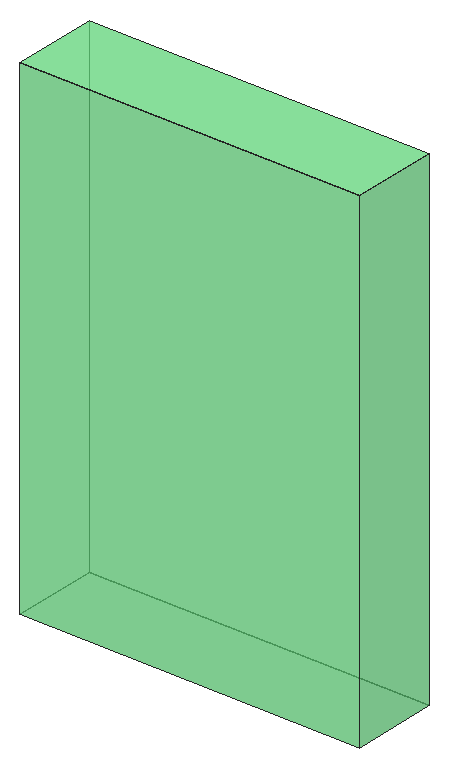
Revit family "501_MEP_TSW", category Оборудование, Revit 2020
Family settings
  Размер круглого соединителя = Использовать диаметр
  Классификация = Нет
  Тип детали = Нормальный
  На основе рабочей плоскости = Нет
  Всегда вертикально = Да
  При загрузке вырезать с полостями = Нет
  Общий = Нет
  Точка расчета площади = Нет
Parameters (values of type "СС")
  Отметка по умолчанию = 0 mm
  Ключевая пометка = "501_MEP"  # constant formula
  КП_Р_Ширина [instance] = Ширина + Расширение границ * 2  # 1100 mm
  КП_Р_Высота [instance] = Высота + Расширение границ * 2  # 1600 mm
  КП_О_Марка = Комментарии к типоразмеру  # "СС"
  Заливка цветом = Заливка Цветная Прямоугольное Отверстие : Зеленый
  SYS_YES = 1 = 1  # yes
  SYS_WIDTH [instance] = Ширина / 2 + Расширение границ  # 550 mm
  Ширина [instance] = 1000 mm
  Толщина [instance] = 280 mm
  Расширение границ [instance] = 50 mm
  Описание = "Для плагина «Менеджер отверстий»"  # constant formula
  Комментарии к типоразмеру = "СС"
  Группа модели = "Задание на прямоугольное отверстие в стене"  # constant formula
  SYS_OFFSET_UP [instance] = 0 mm
  SYS_OFFSET_DOWN [instance] = 0 mm
  SYS_NO = 1 = 0  # no
  SYS_HEIGHT [instance] = Высота / 2 + Расширение границ  # 800 mm
  Высота [instance] = 1500 mm
Reference planes
  plane 1 "Центр (Вперед/Назад)": y = 0
  plane 2: z = 0
  plane 3 "Центр (Влево/Вправо)": x = 0
  plane 4: z = 1500
  plane 5 "Влево": x = -500
  plane 6 "Вправо": x = 500
  plane 7 "Центр (Вверх/Вниз)": z = 750
  plane 8 "Назад": y = 140
  plane 9 "Вперед": y = -140
  plane 10: x = -550
  plane 11: z = 1550
  plane 12: x = 550
  plane 13: z = -50
  plane 14: z = 0
  plane 15: z = 1500
Forms (mm)
  Extrusion 1, solid
    sketch origin (-606.998, -140, 1200) x (-1, 0, 0) y (0, 0, 1)
      loop
        line (-56.998, 350) -> (-1156.998, 350) -> (-1156.998, -1250) -> (-56.998, -1250) -> (-56.998, 350)
    from 0 to 280 <- "Толщина"
Lines and regions (mm)
  model lines, style "Offset"
    curve 1: line (0, 0, 1500) -> (0, 0, 0)
  model lines, style "Обмен заданиями_MEP", detail levels fine
    curve 2: line (-500, -140, 1500) -> (500, -140, 1500)
    curve 3: line (-500, -140, 0) -> (-500, -140, 1500)
    curve 4: line (500, -140, 0) -> (-500, -140, 0)
    curve 5: line (500, -140, 1500) -> (500, -140, 0)
    curve 6: line (-500, 140, 1500) -> (500, 140, 1500)
    curve 7: line (-500, 140, 0) -> (-500, 140, 1500)
    curve 8: line (500, 140, 0) -> (-500, 140, 0)
    curve 9: line (500, 140, 1500) -> (500, 140, 0)
  model lines
    curve 10: line (0, 140, 1550) -> (0, -140, 1550)
    curve 11: line (0, 140, -50) -> (0, 140, 1550)
    curve 12: line (0, -140, -50) -> (0, 140, -50)
    curve 13: line (0, -140, 1550) -> (0, -140, -50)
    curve 14: line (0, -140, 1550) -> (0, 140, -50)
Dimensions and locks
  equal spacing: plane 5 "Влево", plane 3 "Центр (Влево/Вправо)", plane 6 "Вправо"
  equal spacing: plane 4, plane 7 "Центр (Вверх/Вниз)", plane 2
  "Ширина": plane 5 "Влево" to plane 6 "Вправо"
  "Высота": plane 4 to plane 2
  "Толщина": plane 8 "Назад" to plane 9 "Вперед"
  equal spacing: plane 8 "Назад", plane 1 "Центр (Вперед/Назад)", plane 9 "Вперед"
  "SYS_WIDTH": plane 3 "Центр (Влево/Вправо)" to plane 10
  "SYS_WIDTH": plane 12 to plane 3 "Центр (Влево/Вправо)"
  "SYS_HEIGHT": plane 7 "Центр (Вверх/Вниз)" to plane 13
  "SYS_HEIGHT": plane 11 to plane 7 "Центр (Вверх/Вниз)"
  "SYS_OFFSET_DOWN": plane 2 to plane 14
  "SYS_OFFSET_UP": plane 15 to plane 4
  aligned and locked: level to plane 2
  aligned and locked: plane 10 to Extrusion 1 sketch curve
  aligned and locked: plane 12 to Extrusion 1 sketch curve
  aligned and locked: Extrusion 1 sketch curve to plane 11
  aligned and locked: Extrusion 1 sketch curve to plane 13
  aligned and locked: plane 3 "Центр (Влево/Вправо)" to nested 1
  aligned and locked: plane 1 "Центр (Вперед/Назад)" to nested 1
  aligned and locked: plane 3 "Центр (Влево/Вправо)" to nested 2
  aligned and locked: nested 2 to plane 7 "Центр (Вверх/Вниз)"
  aligned and locked: plane 15 to curve 1
  aligned and locked: plane 14 to curve 1
  aligned and locked: curve 1 to plane 3 "Центр (Влево/Вправо)"
  aligned and locked: curve 5 to plane 6 "Вправо"
  aligned and locked: plane 2 to curve 4
  aligned and locked: curve 2 to plane 4
  aligned and locked: curve 3 to plane 5 "Влево"
  aligned and locked: curve 7 to plane 5 "Влево"
  aligned and locked: plane 2 to curve 8
  aligned and locked: curve 6 to plane 4
  aligned and locked: curve 9 to plane 6 "Вправо"
  aligned and locked: curve 10 to plane 11
  aligned and locked: curve 12 to plane 13
  aligned and locked: plane 9 "Вперед" to curve 13
  aligned and locked: curve 11 to plane 8 "Назад"
Nested families
  nested 1: "Заливка Цветная Прямоугольное Отверстие" at (0, 0, 0), L <- "КП_Р_Ширина", W <- "Толщина", План <- "SYS_YES", type <- "Заливка цветом", type "Зеленый"
    with Черный (план) no, Фиолетовый (план) no, Синий (план) no, План yes, Оранжевый (план) no, Красный (план) no, Зеленый (план) yes, Желтый (план) no, Голубой (план) no, W 280 mm, L 1100 mm, AW 50 mm, AL 50 mm
  nested 2: "Заливка Цветная Прямоугольное Отверстие" at (0, 0, 750) x (1, 0, 0) z (0, -1, 0), План <- "SYS_NO", W <- "КП_Р_Высота", L <- "КП_Р_Ширина", type <- "Заливка цветом", type "Зеленый"
    with Черный (план) no, Фиолетовый (план) no, Синий (план) no, План no, Оранжевый (план) no, Красный (план) no, Зеленый (план) no, Желтый (план) no, Голубой (план) no, W 1600 mm, L 1100 mm, AW 100 mm, AL 100 mm
Definition of nested family "Заливка Цветная Прямоугольное Отверстие"
  Parameters (values of type "Зеленый")
    Черный (план) [instance] = and(Черный, План)  # no
    Черный = no
    Фиолетовый (план) [instance] = and(Фиолетовый, План)  # no
    Фиолетовый = no
    Синий (план) [instance] = and(Синий, План)  # no
    Синий = no
    План [instance] = yes
    Оранжевый (план) [instance] = and(Оранжевый, План)  # no
    Оранжевый = no
    Красный (план) [instance] = and(Красный, План)  # no
    Красный = no
    Зеленый (план) [instance] = and(Зеленый, План)  # yes
    Зеленый = yes
    Желтый (план) [instance] = and(Желтый, План)  # no
    Желтый = no
    Голубой (план) [instance] = and(Голубой, План)  # no
    Голубой = no
    L [instance] = 400 mm
    W [instance] = 200 mm
    AW [instance] = if(and(L > 500 mm, W > 500 mm), 100 mm, if(and(L < 200 mm, W < 200 mm), 25 mm, 50 mm))  # 50 mm
    AL [instance] = if(and(L > 500 mm, W > 500 mm), 100 mm, if(and(L < 200 mm, W < 200 mm), 25 mm, 50 mm))  # 50 mm
  Types (8, lengths in mm): name | Черный (план) | Черный | Фиолетовый (план) | Фиолетовый | Синий (план) | Синий | Оранжевый (план) | Оранжевый | Красный (план) | Красный | Зеленый (план) | Зеленый | Желтый (план) | Желтый | Голубой (план) | Голубой
    Красный | no | no | no | no | no | no | no | no | yes | yes | no | no | no | no | no | no
    Желтый | no | no | no | no | no | no | no | no | no | no | no | no | yes | yes | no | no
    Оранжевый | no | no | no | no | no | no | yes | yes | no | no | no | no | no | no | no | no
    Голубой | no | no | no | no | no | no | no | no | no | no | no | no | no | no | yes | yes
    Синий | no | no | no | no | yes | yes | no | no | no | no | no | no | no | no | no | no
    Фиолетовый | no | no | yes | yes | no | no | no | no | no | no | no | no | no | no | no | no
    Черный | yes | yes | no | no | no | no | no | no | no | no | no | no | no | no | no | no
    Зеленый | no | no | no | no | no | no | no | no | no | no | yes | yes | no | no | no | no
  Reference planes
    plane 1 "По центру (Вперед/Назад)": y = 0
    plane 2: z = 0
    plane 3 "По центру (Влево/Вправо)": x = 0
    plane 4: x = 200
    plane 5: x = -200
    plane 6: y = 100
    plane 7: y = -100
    plane 8: y = 50
    plane 9: x = -150
  Lines and regions (mm)
    Filled region 1, type "Черный", in view "Опорный уровень", visible <- "Черный"
      outline origin (0, 0, 0) x (1, 0, 0) y (0, 1, 0)
        loop
          line (-200, 100) -> (-200, -100) -> (-150, 50) -> (200, 100) -> (-200, 100)
    Filled region 2, type "Голубой", in view "Опорный уровень", visible <- "Голубой"
      outline origin (0, 0, 0) x (1, 0, 0) y (0, 1, 0)
        loop
          line (-200, 100) -> (-200, -100) -> (-150, 50) -> (200, 100) -> (-200, 100)
    Filled region 3, type "Желтый", in view "Опорный уровень", visible <- "Желтый"
      outline origin (0, 0, 0) x (1, 0, 0) y (0, 1, 0)
        loop
          line (-200, 100) -> (-200, -100) -> (-150, 50) -> (200, 100) -> (-200, 100)
    Filled region 4, type "Зеленый", in view "Опорный уровень", visible <- "Зеленый"
      outline origin (0, 0, 0) x (1, 0, 0) y (0, 1, 0)
        loop
          line (-200, 100) -> (-200, -100) -> (-150, 50) -> (200, 100) -> (-200, 100)
    Filled region 5, type "Красный", in view "Опорный уровень", visible <- "Красный"
      outline origin (0, 0, 0) x (1, 0, 0) y (0, 1, 0)
        loop
          line (-200, 100) -> (-200, -100) -> (-150, 50) -> (200, 100) -> (-200, 100)
    Filled region 6, type "Оранжевый", in view "Опорный уровень", visible <- "Оранжевый"
      outline origin (0, 0, 0) x (1, 0, 0) y (0, 1, 0)
        loop
          line (-200, 100) -> (-200, -100) -> (-150, 50) -> (200, 100) -> (-200, 100)
    Filled region 7, type "Синий", in view "Опорный уровень", visible <- "Синий"
      outline origin (0, 0, 0) x (1, 0, 0) y (0, 1, 0)
        loop
          line (-200, 100) -> (-200, -100) -> (-150, 50) -> (200, 100) -> (-200, 100)
    Filled region 8, type "Фиолетовый", in view "Опорный уровень", visible <- "Фиолетовый"
      outline origin (0, 0, 0) x (1, 0, 0) y (0, 1, 0)
        loop
          line (-200, 100) -> (-200, -100) -> (-150, 50) -> (200, 100) -> (-200, 100)
    Filled region 9, type "Черный", in view "Опорный уровень", visible <- "Черный (план)"
      outline origin (630.409, -492.529, 0) x (1, 0, 0) y (0, 1, 0)
        loop
          line (-780.409, 542.529) -> (-830.409, 392.529) -> (-430.409, 392.529) -> (-430.409, 592.529) -> (-780.409, 542.529)
    Filled region 10, type "Голубой", in view "Опорный уровень", visible <- "Голубой (план)"
      outline origin (520, -360, 0) x (1, 0, 0) y (0, 1, 0)
        loop
          line (-670, 410) -> (-720, 260) -> (-320, 260) -> (-320, 460) -> (-670, 410)
    Filled region 11, type "Желтый", in view "Опорный уровень", visible <- "Желтый (план)"
      outline origin (500, -320, 0) x (1, 0, 0) y (0, 1, 0)
        loop
          line (-300, 420) -> (-650, 370) -> (-700, 220) -> (-300, 220) -> (-300, 420)
    Filled region 12, type "Зеленый", in view "Опорный уровень", visible <- "Зеленый (план)"
      outline origin (630.409, -492.529, 0) x (1, 0, 0) y (0, 1, 0)
        loop
          line (-430.409, 592.529) -> (-780.409, 542.529) -> (-830.409, 392.529) -> (-430.409, 392.529) -> (-430.409, 592.529)
    Filled region 13, type "Красный", in view "Опорный уровень", visible <- "Красный (план)"
      outline origin (630.409, -492.529, 0) x (1, 0, 0) y (0, 1, 0)
        loop
          line (-780.409, 542.529) -> (-830.409, 392.529) -> (-430.409, 392.529) -> (-430.409, 592.529) -> (-780.409, 542.529)
    Filled region 14, type "Оранжевый", in view "Опорный уровень", visible <- "Оранжевый (план)"
      outline origin (630.409, -492.529, 0) x (1, 0, 0) y (0, 1, 0)
        loop
          line (-830.409, 392.529) -> (-430.409, 392.529) -> (-430.409, 592.529) -> (-780.409, 542.529) -> (-830.409, 392.529)
    Filled region 15, type "Синий", in view "Опорный уровень", visible <- "Синий (план)"
      outline origin (630.409, -492.529, 0) x (1, 0, 0) y (0, 1, 0)
        loop
          line (-830.409, 392.529) -> (-430.409, 392.529) -> (-430.409, 592.529) -> (-780.409, 542.529) -> (-830.409, 392.529)
    Filled region 16, type "Фиолетовый", in view "Опорный уровень", visible <- "Фиолетовый (план)"
      outline origin (580, -340, 0) x (1, 0, 0) y (0, 1, 0)
        loop
          line (-780, 240) -> (-380, 240) -> (-380, 440) -> (-730, 390) -> (-780, 240)
    detail lines, in view "Опорный уровень"
      curve 1: line (-200, 100, 0) -> (200, 100, 0)
      curve 2: line (-200, -100, 0) -> (-200, 100, 0)
      curve 3: line (200, -100, 0) -> (-200, -100, 0)
      curve 4: line (200, 100, 0) -> (200, -100, 0)
  Dimensions and locks
    equal spacing: plane 5, plane 3 "По центру (Влево/Вправо)", plane 4
    equal spacing: plane 6, plane 1 "По центру (Вперед/Назад)", plane 7
    "W": plane 6 to plane 7
    "L": plane 5 to plane 4
    plane 5 to plane 3 "По центру (Влево/Вправо)" = 200 mm
    "AL": plane 5 to plane 9
    "AW": plane 6 to plane 8
    aligned and locked: plane 5 to Filled region 1 sketch curve
    aligned and locked: plane 6 to Filled region 1 sketch curve
    aligned and locked: Filled region 16 sketch curve to Filled region 8  (x2)
    aligned and locked: Filled region 16 sketch curve to plane 7
    aligned and locked: Filled region 16 sketch curve to plane 4
    aligned and locked: Filled region 15 sketch curve to Filled region 8  (x2)
    aligned and locked: Filled region 15 sketch curve to plane 4
    aligned and locked: Filled region 15 sketch curve to plane 7
    aligned and locked: Filled region 14 sketch curve to Filled region 8  (x2)
    aligned and locked: Filled region 14 sketch curve to plane 4
    aligned and locked: Filled region 14 sketch curve to plane 7
    aligned and locked: Filled region 13 sketch curve to Filled region 8  (x2)
    aligned and locked: Filled region 13 sketch curve to plane 7
    aligned and locked: Filled region 13 sketch curve to plane 4
    aligned and locked: Filled region 12 sketch curve to plane 4
    aligned and locked: Filled region 12 sketch curve to plane 7
    aligned and locked: Filled region 12 sketch curve to Filled region 8  (x2)
    aligned and locked: Filled region 11 sketch curve to plane 4
    aligned and locked: Filled region 11 sketch curve to plane 7
    aligned and locked: Filled region 11 sketch curve to Filled region 8  (x2)
    aligned and locked: Filled region 10 sketch curve to Filled region 8  (x2)
    aligned and locked: Filled region 10 sketch curve to plane 7
    aligned and locked: Filled region 10 sketch curve to plane 4
    aligned and locked: Filled region 9 sketch curve to Filled region 8  (x2)
    aligned and locked: Filled region 9 sketch curve to plane 7
    aligned and locked: Filled region 9 sketch curve to plane 4
    aligned and locked: curve 2 to plane 5
    aligned and locked: plane 7 to curve 3
    aligned and locked: curve 4 to plane 4
    aligned and locked: curve 1 to plane 6
  Automatic sketch dimensions
    Filled region 1 sketch curve to plane 8 = 0 mm
    Filled region 1 sketch curve to plane 9 = 0 mm
    Filled region 1 sketch curve to plane 4 = 0 mm
    Filled region 1 sketch curve to plane 7 = 0 mm
    Filled region 2 sketch curve to plane 5 = 0 mm
    Filled region 2 sketch curve to plane 8 = 0 mm
    Filled region 2 sketch curve to plane 9 = 0 mm
    Filled region 2 sketch curve to plane 4 = 0 mm
    Filled region 2 sketch curve to plane 7 = 0 mm
    Filled region 2 sketch curve to plane 6 = 0 mm
    Filled region 3 sketch curve to plane 5 = 0 mm
    Filled region 3 sketch curve to plane 8 = 0 mm
    Filled region 3 sketch curve to plane 9 = 0 mm
    Filled region 3 sketch curve to plane 4 = 0 mm
    Filled region 3 sketch curve to plane 7 = 0 mm
    Filled region 3 sketch curve to plane 6 = 0 mm
    Filled region 4 sketch curve to plane 5 = 0 mm
    Filled region 4 sketch curve to plane 8 = 0 mm
    Filled region 4 sketch curve to plane 9 = 0 mm
    Filled region 4 sketch curve to plane 4 = 0 mm
    Filled region 4 sketch curve to plane 7 = 0 mm
    Filled region 4 sketch curve to plane 6 = 0 mm
    Filled region 5 sketch curve to plane 5 = 0 mm
    Filled region 5 sketch curve to plane 8 = 0 mm
    Filled region 5 sketch curve to plane 9 = 0 mm
    Filled region 5 sketch curve to plane 4 = 0 mm
    Filled region 5 sketch curve to plane 7 = 0 mm
    Filled region 5 sketch curve to plane 6 = 0 mm
    Filled region 6 sketch curve to plane 5 = 0 mm
    Filled region 6 sketch curve to plane 8 = 0 mm
    Filled region 6 sketch curve to plane 9 = 0 mm
    Filled region 6 sketch curve to plane 4 = 0 mm
    Filled region 6 sketch curve to plane 7 = 0 mm
    Filled region 6 sketch curve to plane 6 = 0 mm
    Filled region 7 sketch curve to plane 5 = 0 mm
    Filled region 7 sketch curve to plane 8 = 0 mm
    Filled region 7 sketch curve to plane 9 = 0 mm
    Filled region 7 sketch curve to plane 4 = 0 mm
    Filled region 7 sketch curve to plane 7 = 0 mm
    Filled region 7 sketch curve to plane 6 = 0 mm
    Filled region 8 sketch curve to plane 5 = 0 mm
    Filled region 8 sketch curve to plane 8 = 0 mm
    Filled region 8 sketch curve to plane 9 = 0 mm
    Filled region 8 sketch curve to plane 4 = 0 mm
    Filled region 8 sketch curve to plane 7 = 0 mm
    Filled region 8 sketch curve to plane 6 = 0 mm
